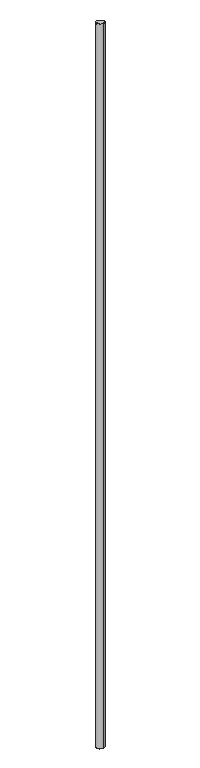
Revit family "TIE ROD 15-1,5_0230150", category Generic Models, Revit 2018
Family settings
  Can host rebar = No
  Round Connector Dimension = Use Diameter
  Part Type = Normal
  OmniClass Number = 35.51.14.00
  OmniClass Title = FORMWORK
  Work Plane-Based = Yes
  Always vertical = No
  Cut with Voids When Loaded = No
  Shared = Yes
  Room Calculation Point = No
Parameters
  VERSION = "20190101"  # constant formula
  URL = "www.ulmaconstruction.com/en"
  UNICLASS = ""
  ITEM_CODE = "0230150"
  Manufacturer = "ULMA CONSTRUCTION"  # constant formula
  FILTER [instance] = ""
  Default Elevation = 0 mm
  CLASSIFICATION TITLE = ""
  CLASSIFICATION NUMBER = ""
Reference planes
  plane 1 "Centro (Frontal/Posterior)": y = 0
  plane 2: z = 0
  plane 3 "Centro (Izquierda/Derecha)": x = 0
  plane 4 "ITEM_LENGTH": z = 1500
  plane 5 "MIDDLE": z = 750
Forms (mm)
  Extrusion 1, solid, material "ULMA ZINC", detail levels medium+fine
    sketch origin (0, 0, 0) x (1, 0, 0) y (0, 1, 0)
      loop
        circle (0, 0) r 7.5
    from 0 to 1500
Lines and regions (mm)
  model lines, style "ULMA TIE ROD", detail levels coarse
    curve 1: line (0, 0, 0) -> (0, 0, 1500)
Dimensions and locks
  locked: plane 4 "ITEM_LENGTH" to plane 2 at 1500
  equal spacing: plane 4 "ITEM_LENGTH", plane 5 "MIDDLE", plane 2
  aligned and locked: level to plane 2
  aligned and locked: plane 4 "ITEM_LENGTH" to curve 1
  aligned and locked: plane 2 to curve 1
  aligned and locked: plane 4 "ITEM_LENGTH" to Extrusion 1
Automatic sketch dimensions
  plane 1 "Centro (Frontal/Posterior)" to Extrusion 1 sketch curve = 0 mm
  Extrusion 1 sketch curve to plane 3 "Centro (Izquierda/Derecha)" = 0 mm
  curve 1 to plane 3 "Centro (Izquierda/Derecha)" = 0 mm
  radius of Extrusion 1 sketch curve = 7.5 mm
